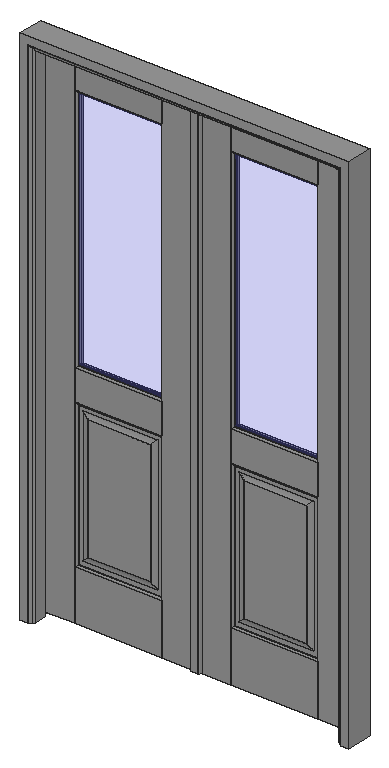
Revit family "I2P 610 GTOP", category Doors, host Wall, Revit 2013
Parameters (values of type "I2P 610 G/TOP")
  Function = Interior
  Frame Projection Ext. = 25 mm
  Frame Projection Int. = 25 mm
  Frame Width = 75 mm
  Height = 2090 mm
  Wall Closure = By host
  Width = 1306 mm
Reference planes
  plane 1: y = 0
  plane 2 "Center (Left/Right)": x = 0
  plane 3 "Left": x = -653
  plane 4 "Right": x = 653
  plane 5: z = 2090
  plane 6 "Exterior": y = 75
  plane 7 "Interior": y = -75
  plane 8: z = 1947
  plane 9: z = 1681.667
Forms (mm)
  Sweep 1, solid, material "Lauan, Meranti"
    path origin (0, 75, 0) x (1, 0, 0) y (0, 0, 1)
      loop
        line (653, 0) -> (653, 2090) -> (-653, 2090) -> (-653, 0)
    profile "Van Acht 105x50 Door Frame Routed Profile (Heavy) : Van Acht 105x50 Door Frame Routed Profile (Heavy)" origin (653, 75, 1045) x (-1, 0, 0) y (0, -1, 0)
      loop
        line (0, 22.5) -> (38, 22.5) -> (38, 67.5) -> (50, 67.5) -> (50, 112.5)
        arc (50, 112.5) -> (44.957, 114.29) -> (42.17, 118.859) r 8
        line (42.17, 118.859) -> (39, 118.859)
        arc (39, 118.859) -> (35.311, 122.973) -> (30, 124.5) r 10
        line (30, 124.5) -> (30, 127.5) -> (0, 127.5) -> (0, 22.5)
  Extrusion 2, solid, material "Lauan, Meranti"
    sketch origin (0, 0, 0) x (1, 0, 0) y (0, 1, 0)
      loop
        line (-12, -2.5) -> (12, -2.5) -> (12, -0.5)
        arc (12, -0.5) -> (17.657, 1.843) -> (20, 7.5) r 8
        line (20, 7.5) -> (5, 7.5) -> (5, 39.5)
        spline (5, 39.5) -> (4.83, 42.088) -> (4.33, 44.5) -> (3.536, 46.571) -> (2.5, 48.16) -> (1.294, 49.159) -> (0, 49.5) -> (-1.294, 49.159) -> (-2.5, 48.16) -> (-3.536, 46.571) -> (-4.33, 44.5) -> (-4.83, 42.088) -> (-5, 39.5)
        line (-5, 39.5) -> (-5, 7.5) -> (-20, 7.5)
        arc (-20, 7.5) -> (-17.657, 1.843) -> (-12, -0.5) r 8
        line (-12, -0.5) -> (-12, -2.5)
    from 20 to 2040
  Extrusion 3, solid, material "Lauan, Meranti"
    sketch origin (0, 0, 1802) x (1, 0, 0) y (0, 1, 0)
      loop
        spline (5, 39.5) -> (4.83, 42.088) -> (4.33, 44.5) -> (3.536, 46.571) -> (2.5, 48.16) -> (1.294, 49.159) -> (0, 49.5) -> (-1.294, 49.159) -> (-2.5, 48.16) -> (-3.536, 46.571) -> (-4.33, 44.5) -> (-4.83, 42.088) -> (-5, 39.5)
        line (-5, 39.5) -> (-5, 7.5) -> (5, 7.5) -> (5, 39.5)
    from 238 to 250
  Extrusion 4, solid, material "Lauan, Meranti"
    sketch origin (208.5, 140, 0) x (0, -1, 0) y (0, 0, -1)
      loop
        line (132.5, -20) -> (92.5, -20) -> (92.5, -221) -> (94.5, -221)
        arc (94.5, -221) -> (96.134, -225.67) -> (100.5, -228) r 6.807
        line (100.5, -228) -> (100.5, -230) -> (102.5, -230) -> (102.5, -215) -> (122.5, -215) -> (122.5, -230) -> (124.5, -230) -> (124.5, -228)
        arc (124.5, -228) -> (128.866, -225.67) -> (130.5, -221) r 6.807
        line (130.5, -221) -> (132.5, -221) -> (132.5, -20)
      loop
        line (132.5, -809) -> (130.5, -809)
        arc (130.5, -809) -> (128.866, -804.33) -> (124.5, -802) r 6.807
        line (124.5, -802) -> (124.5, -800) -> (122.5, -800) -> (122.5, -815) -> (102.5, -815) -> (102.5, -800) -> (100.5, -800) -> (100.5, -802)
        arc (100.5, -802) -> (96.134, -804.33) -> (94.5, -809) r 6.807
        line (94.5, -809) -> (92.5, -809) -> (92.5, -931) -> (122.5, -931) -> (122.5, -940) -> (124.5, -940) -> (124.5, -938)
        arc (124.5, -938) -> (128.866, -935.67) -> (130.5, -931) r 6.807
        line (130.5, -931) -> (132.5, -931) -> (132.5, -809)
      loop
        arc (130.5, -1921) -> (128.866, -1916.33) -> (124.5, -1914) r 6.807
        line (124.5, -1914) -> (124.5, -1912) -> (122.5, -1912) -> (122.5, -1921) -> (92.5, -1921) -> (92.5, -2052) -> (132.5, -2052) -> (132.5, -1921) -> (130.5, -1921)
    from -72.5 to 275.5
  Extrusion 5, solid, material "Lauan, Meranti"
    sketch origin (208.5, 55, 0) x (1, 0, 0) y (0, 1, 0)
      loop
        line (-203.5, -47.5) -> (-72.5, -47.5) -> (-72.5, -45.5)
        arc (-72.5, -45.5) -> (-67.765, -43.94) -> (-65.5, -39.5) r 6.549
        line (-65.5, -39.5) -> (-63.5, -39.5) -> (-63.5, -37.5) -> (-78.5, -37.5) -> (-78.5, -17.5) -> (-63.5, -17.5) -> (-63.5, -15.5) -> (-65.5, -15.5)
        arc (-65.5, -15.5) -> (-67.765, -11.06) -> (-72.5, -9.5) r 6.549
        line (-72.5, -9.5) -> (-72.5, -7.5) -> (-203.5, -7.5) -> (-203.5, -47.5)
      loop
        line (406.5, -47.5) -> (406.5, -7.5) -> (275.5, -7.5) -> (275.5, -9.5)
        arc (275.5, -9.5) -> (270.765, -11.06) -> (268.5, -15.5) r 6.549
        line (268.5, -15.5) -> (266.5, -15.5) -> (266.5, -17.5) -> (281.5, -17.5) -> (281.5, -37.5) -> (266.5, -37.5) -> (266.5, -39.5) -> (268.5, -39.5)
        arc (268.5, -39.5) -> (270.765, -43.94) -> (275.5, -45.5) r 6.549
        line (275.5, -45.5) -> (275.5, -47.5) -> (406.5, -47.5)
    from 20 to 931
  Sweep 6, solid, material "Lauan, Meranti"
    path origin (208.5, -20, 0) x (1, 0, 0) y (0, 0, -1)
      loop
        line (275.5, -809) -> (275.5, -221) -> (-72.5, -221) -> (-72.5, -809) -> (275.5, -809)
    profile origin (310, -20, 809) x (0, 0, 1) y (0, 1, 0)
      loop
        line (4.5, 57.5) -> (-25.727, 57.5)
        arc (-25.727, 57.5) -> (-37.468, 59.153) -> (-48.5, 63.5) r 50.456
        line (-48.5, 63.5) -> (-48.5, 31.5)
        arc (-48.5, 31.5) -> (-37.468, 35.847) -> (-25.727, 37.5) r 50.456
        line (-25.727, 37.5) -> (4.5, 37.5) -> (4.5, 57.5)
  Extrusion 7, solid, material "Lauan, Meranti"
    sketch origin (208.5, -20, 0) x (1, 0, 0) y (0, 0, -1)
      loop
        line (227, -760.5) -> (227, -269.5) -> (-24, -269.5) -> (-24, -760.5) -> (227, -760.5)
    from 31.5 to 63.5
  Extrusion 8, solid, material "Lauan, Meranti"
    sketch origin (208.5, 55, 0) x (1, 0, 0) y (0, 1, 0)
      loop
        line (-203.5, -47.5) -> (-72.5, -47.5) -> (-72.5, -45.5)
        arc (-72.5, -45.5) -> (-67.765, -43.94) -> (-65.5, -39.5) r 6.549
        line (-65.5, -39.5) -> (-63.5, -39.5) -> (-63.5, -37.5) -> (-72.5, -37.5) -> (-72.5, -7.5) -> (-203.5, -7.5) -> (-203.5, -47.5)
      loop
        line (406.5, -47.5) -> (406.5, -7.5) -> (275.5, -7.5) -> (275.5, -37.5) -> (266.5, -37.5) -> (266.5, -39.5) -> (268.5, -39.5)
        arc (268.5, -39.5) -> (270.765, -43.94) -> (275.5, -45.5) r 6.549
        line (275.5, -45.5) -> (275.5, -47.5) -> (406.5, -47.5)
    from 931 to 2052
  Extrusion 9, solid, material "Glass"
    sketch origin (208.5, 130, 0) x (1, 0, 0) y (0, 0, -1)
      loop
        line (-72.5, -1921) -> (275.5, -1921) -> (275.5, -931) -> (-72.5, -931) -> (-72.5, -1921)
    from -112.5 to -106.1
  Sweep 10, solid, material "Lauan, Meranti"
    path origin (208.5, 130, 0) x (1, 0, 0) y (0, 0, -1)
      loop
        line (-72.5, -1921) -> (275.5, -1921) -> (275.5, -931) -> (-72.5, -931) -> (-72.5, -1921)
    profile origin (310, 130, 1921) x (0, 0, -1) y (0, 1, 0)
      loop
        line (9, -106.1) -> (9, -104.1) -> (7, -104.1)
        arc (7, -104.1) -> (4.67, -99.734) -> (0, -98.1) r 6.807
        line (0, -98.1) -> (0, -106.1) -> (9, -106.1)
  Extrusion 11, solid, material "Lauan, Meranti"
    sketch origin (-411.5, 140, 0) x (0, -1, 0) y (0, 0, -1)
      loop
        line (132.5, -20) -> (92.5, -20) -> (92.5, -221) -> (94.5, -221)
        arc (94.5, -221) -> (96.134, -225.67) -> (100.5, -228) r 6.807
        line (100.5, -228) -> (100.5, -230) -> (102.5, -230) -> (102.5, -215) -> (122.5, -215) -> (122.5, -230) -> (124.5, -230) -> (124.5, -228)
        arc (124.5, -228) -> (128.866, -225.67) -> (130.5, -221) r 6.807
        line (130.5, -221) -> (132.5, -221) -> (132.5, -20)
      loop
        line (132.5, -809) -> (130.5, -809)
        arc (130.5, -809) -> (128.866, -804.33) -> (124.5, -802) r 6.807
        line (124.5, -802) -> (124.5, -800) -> (122.5, -800) -> (122.5, -815) -> (102.5, -815) -> (102.5, -800) -> (100.5, -800) -> (100.5, -802)
        arc (100.5, -802) -> (96.134, -804.33) -> (94.5, -809) r 6.807
        line (94.5, -809) -> (92.5, -809) -> (92.5, -931) -> (122.5, -931) -> (122.5, -940) -> (124.5, -940) -> (124.5, -938)
        arc (124.5, -938) -> (128.866, -935.67) -> (130.5, -931) r 6.807
        line (130.5, -931) -> (132.5, -931) -> (132.5, -809)
      loop
        arc (130.5, -1921) -> (128.866, -1916.33) -> (124.5, -1914) r 6.807
        line (124.5, -1914) -> (124.5, -1912) -> (122.5, -1912) -> (122.5, -1921) -> (92.5, -1921) -> (92.5, -2052) -> (132.5, -2052) -> (132.5, -1921) -> (130.5, -1921)
    from -72.5 to 275.5
  Extrusion 12, solid, material "Lauan, Meranti"
    sketch origin (-411.5, 55, 0) x (1, 0, 0) y (0, 1, 0)
      loop
        line (-203.5, -47.5) -> (-72.5, -47.5) -> (-72.5, -45.5)
        arc (-72.5, -45.5) -> (-67.765, -43.94) -> (-65.5, -39.5) r 6.549
        line (-65.5, -39.5) -> (-63.5, -39.5) -> (-63.5, -37.5) -> (-78.5, -37.5) -> (-78.5, -17.5) -> (-63.5, -17.5) -> (-63.5, -15.5) -> (-65.5, -15.5)
        arc (-65.5, -15.5) -> (-67.765, -11.06) -> (-72.5, -9.5) r 6.549
        line (-72.5, -9.5) -> (-72.5, -7.5) -> (-203.5, -7.5) -> (-203.5, -47.5)
      loop
        line (406.5, -47.5) -> (406.5, -7.5) -> (275.5, -7.5) -> (275.5, -9.5)
        arc (275.5, -9.5) -> (270.765, -11.06) -> (268.5, -15.5) r 6.549
        line (268.5, -15.5) -> (266.5, -15.5) -> (266.5, -17.5) -> (281.5, -17.5) -> (281.5, -37.5) -> (266.5, -37.5) -> (266.5, -39.5) -> (268.5, -39.5)
        arc (268.5, -39.5) -> (270.765, -43.94) -> (275.5, -45.5) r 6.549
        line (275.5, -45.5) -> (275.5, -47.5) -> (406.5, -47.5)
    from 20 to 931
  Sweep 13, solid, material "Lauan, Meranti"
    path origin (-411.5, -20, 0) x (1, 0, 0) y (0, 0, -1)
      loop
        line (275.5, -809) -> (275.5, -221) -> (-72.5, -221) -> (-72.5, -809) -> (275.5, -809)
    profile origin (-310, -20, 809) x (0, 0, 1) y (0, 1, 0)
      loop
        line (4.5, 57.5) -> (-25.727, 57.5)
        arc (-25.727, 57.5) -> (-37.468, 59.153) -> (-48.5, 63.5) r 50.456
        line (-48.5, 63.5) -> (-48.5, 31.5)
        arc (-48.5, 31.5) -> (-37.468, 35.847) -> (-25.727, 37.5) r 50.456
        line (-25.727, 37.5) -> (4.5, 37.5) -> (4.5, 57.5)
  Extrusion 14, solid, material "Lauan, Meranti"
    sketch origin (-411.5, -20, 0) x (1, 0, 0) y (0, 0, -1)
      loop
        line (227, -760.5) -> (227, -269.5) -> (-24, -269.5) -> (-24, -760.5) -> (227, -760.5)
    from 31.5 to 63.5
  Extrusion 15, solid, material "Lauan, Meranti"
    sketch origin (-411.5, 55, 0) x (1, 0, 0) y (0, 1, 0)
      loop
        line (-203.5, -47.5) -> (-72.5, -47.5) -> (-72.5, -45.5)
        arc (-72.5, -45.5) -> (-67.765, -43.94) -> (-65.5, -39.5) r 6.549
        line (-65.5, -39.5) -> (-63.5, -39.5) -> (-63.5, -37.5) -> (-72.5, -37.5) -> (-72.5, -7.5) -> (-203.5, -7.5) -> (-203.5, -47.5)
      loop
        line (406.5, -47.5) -> (406.5, -7.5) -> (275.5, -7.5) -> (275.5, -37.5) -> (266.5, -37.5) -> (266.5, -39.5) -> (268.5, -39.5)
        arc (268.5, -39.5) -> (270.765, -43.94) -> (275.5, -45.5) r 6.549
        line (275.5, -45.5) -> (275.5, -47.5) -> (406.5, -47.5)
    from 931 to 2052
  Extrusion 16, solid, material "Glass"
    sketch origin (-411.5, 130, 0) x (1, 0, 0) y (0, 0, -1)
      loop
        line (-72.5, -1921) -> (275.5, -1921) -> (275.5, -931) -> (-72.5, -931) -> (-72.5, -1921)
    from -112.5 to -106.1
  Sweep 17, solid, material "Lauan, Meranti"
    path origin (-411.5, 130, 0) x (1, 0, 0) y (0, 0, -1)
      loop
        line (-72.5, -1921) -> (275.5, -1921) -> (275.5, -931) -> (-72.5, -931) -> (-72.5, -1921)
    profile origin (-310, 130, 1921) x (0, 0, -1) y (0, 1, 0)
      loop
        line (9, -106.1) -> (9, -104.1) -> (7, -104.1)
        arc (7, -104.1) -> (4.67, -99.734) -> (0, -98.1) r 6.807
        line (0, -98.1) -> (0, -106.1) -> (9, -106.1)
Cuts and joins
  joined: Extrusion 2, Extrusion 3
  joined: Extrusion 5, Extrusion 8
  joined: Extrusion 12, Extrusion 15
Lines and regions (mm)
  Opening 1
    outline origin (-3050, -75, 0) x (1, 0, 0) y (0, 0, 1)
      loop
        line (2397, 0) -> (3703, 0) -> (3703, 2090) -> (2397, 2090) -> (2397, 0)
  symbolic lines, style "Elevation Swing"
    curve 1: line (0, -75, 1045) -> (-653, -75, 2090)
    curve 2: line (0, -75, 1045) -> (-653, -75, 0)
    curve 3: line (0, -75, 1045) -> (653, -75, 2090)
    curve 4: line (0, -75, 1045) -> (653, -75, 0)
  model lines
    curve 5: line (-615, 47.5, 0) -> (-615, 657.5, 0)
    curve 6: arc (-615, 657.5, 0) -> (-183.665, 478.835, 0) -> (-5, 47.5, 0) r 610
    curve 7: arc (615, 657.5, 0) -> (183.665, 478.835, 0) -> (5, 47.5, 0) r 610
    curve 8: line (615, 657.5, 0) -> (615, 47.5, 0)
Text (mm)
  text "Exterior" at (-2295.016, 1099.543, 0), in view "Ref. Level"
  text "Exterior" at (0, 1615.38, 3698.081), in view "Left"
  text "Exterior" at (0, 1036.032, 3874.932), in view "Right"
Dimensions and locks
  equal spacing: plane 3 "Left", plane 2 "Center (Left/Right)", plane 4 "Right"
  "Width": plane 3 "Left" to plane 4 "Right"
  "Height": plane 5 to host wall
  equal spacing: host wall, curve 2, plane 5
  host wall to plane 5 = 2090 mm
  locked: plane 6 "Exterior" to host wall at 0
  locked: plane 7 "Interior" to host wall
  plane 3 "Left" to plane 4 "Right" = 1306 mm  (x2)
  cut or joined group of Extrusion 5, Extrusion 8 to Sweep 1 = 610 mm
  cut or joined group of Extrusion 12, Extrusion 15 to Sweep 1 = 610 mm
  aligned and locked: plane 3 "Left" to Opening 1 sketch curve
  aligned and locked: plane 5 to Opening 1 sketch curve  (x2)
  aligned and locked: Opening 1 sketch curve to plane 4 "Right"
  aligned and locked: Opening 1 sketch curve to level
  aligned and locked: plane 5 to curve 1
  aligned and locked: plane 3 "Left" to curve 2
  aligned and locked: plane 1 to host wall
  aligned and locked: plane 3 "Left" to curve 1
Automatic sketch dimensions
  curve 2 to plane 2 "Center (Left/Right)" = 0 mm
  curve 2 to level = 0 mm
  plane 3 "Left" to Sweep 1 sketch curve = 0 mm
  plane 4 "Right" to Sweep 1 sketch curve = 0 mm
  Sweep 1 sketch curve to plane 5 = 0 mm
  Sweep 1 sketch curve to level = 0 mm  (x2)
  curve 4 to plane 2 "Center (Left/Right)" = 0 mm
  curve 4 to plane 9 = 636.667 mm
  curve 4 to level = 0 mm
  plane 4 "Right" to curve 4 = 0 mm
  plane 4 "Right" to curve 3 = 0 mm
  curve 3 to plane 5 = 0 mm
  curve 5 to plane 3 "Left" = 38 mm
  curve 6 to plane 2 "Center (Left/Right)" = 5 mm
  plane 2 "Center (Left/Right)" to curve 7 = 5 mm
  plane 4 "Right" to curve 8 = 38 mm
  curve 8 to host wall = 122.5 mm
  curve 6 to curve 7 = 0 mm
  curve 5 to curve 6 = 0 mm
  host wall to curve 8 = 582.5 mm
  Extrusion 2 sketch curve to host wall = 7.5 mm
  Extrusion 2 sketch curve to plane 2 "Center (Left/Right)" = 20 mm
  host wall to Extrusion 2 sketch curve = 2.5 mm
  Extrusion 2 sketch curve to plane 2 "Center (Left/Right)" = 0 mm
  host wall to Extrusion 2 sketch curve = 0.5 mm  (x2)
  Extrusion 2 sketch curve to Extrusion 2 sketch curve = 5 mm
  plane 2 "Center (Left/Right)" to Extrusion 2 sketch curve = 12 mm
  Extrusion 2 sketch curve to Extrusion 2 sketch curve = 8 mm
  Extrusion 2 sketch curve to Extrusion 2 sketch curve = 32 mm
  Extrusion 3 sketch curve to plane 2 "Center (Left/Right)" = 5 mm
  Extrusion 3 sketch curve to host wall = 7.5 mm
  Extrusion 3 sketch curve to plane 2 "Center (Left/Right)" = 0 mm
  Extrusion 3 sketch curve to Extrusion 3 sketch curve = 32 mm
  Extrusion 4 sketch curve to host wall = 27.5 mm  (x3)
  Extrusion 4 sketch curve to host wall = 7.5 mm
  plane 5 to Extrusion 4 sketch curve = 38 mm
  Extrusion 4 sketch curve to Extrusion 4 sketch curve = 2 mm  (x17)
  Extrusion 4 sketch curve to Extrusion 4 sketch curve = 6 mm  (x6)
  Extrusion 4 sketch curve to Extrusion 4 sketch curve = 10 mm
  Extrusion 4 sketch curve to host wall = 17.5 mm  (x3)
  Extrusion 4 sketch curve to Extrusion 4 sketch curve = 8 mm
  Extrusion 4 sketch curve to Extrusion 4 sketch curve = 1.197 mm  (x6)
  Extrusion 4 sketch curve to plane 8 = 26 mm
  Extrusion 4 sketch curve to Extrusion 4 sketch curve = 0 mm  (x3)
  Extrusion 4 sketch curve to Extrusion 4 sketch curve = 7 mm  (x6)
  Extrusion 4 sketch curve to plane 9 = 741.667 mm
  Extrusion 4 sketch curve to Extrusion 4 sketch curve = 116 mm
  level to Extrusion 4 sketch curve = 230 mm
  Extrusion 4 sketch curve to Extrusion 4 sketch curve = 6.241 mm
  level to Extrusion 4 sketch curve = 20 mm
  plane 2 "Center (Left/Right)" to Extrusion 5 sketch curve = 5 mm
  Extrusion 5 sketch curve to host wall = 7.5 mm  (x2)
  Extrusion 5 sketch curve to host wall = 17.5 mm  (x2)
  Extrusion 5 sketch curve to Extrusion 5 sketch curve = 125 mm
  Extrusion 5 sketch curve to Extrusion 5 sketch curve = 6 mm  (x5)
  Extrusion 5 sketch curve to Extrusion 5 sketch curve = 7 mm  (x4)
  Extrusion 5 sketch curve to Extrusion 5 sketch curve = 2 mm  (x12)
  plane 4 "Right" to Extrusion 5 sketch curve = 178 mm
  Extrusion 5 sketch curve to Extrusion 5 sketch curve = 0 mm
  plane 4 "Right" to Extrusion 5 sketch curve = 38 mm
  Extrusion 5 sketch curve to Extrusion 5 sketch curve = 6.527 mm  (x4)
  Extrusion 5 sketch curve to Extrusion 5 sketch curve = 20 mm  (x2)
  plane 2 "Center (Left/Right)" to Sweep 6 sketch curve = 136 mm
  level to Sweep 6 sketch curve = 809 mm
  plane 4 "Right" to Sweep 6 sketch curve = 169 mm
  level to Sweep 6 sketch curve = 221 mm
  profile plane to Sweep 6 sketch curve = 48.5 mm
  profile plane to Sweep 6 sketch curve = 31.5 mm
  Sweep 6 sketch curve to Sweep 6 sketch curve = 22.773 mm
  Sweep 6 sketch curve to Sweep 6 sketch curve = 0 mm
  Sweep 6 sketch curve to profile plane = 4.5 mm
  profile plane to Sweep 6 sketch curve = 24.613 mm  (x2)
  profile plane to Sweep 6 sketch curve = 37.5 mm
  Sweep 6 sketch curve to Sweep 6 sketch curve = 20 mm
  Sweep 6 sketch curve to Sweep 6 sketch curve = 6 mm
  plane 2 "Center (Left/Right)" to Extrusion 7 sketch curve = 184.5 mm
  level to Extrusion 7 sketch curve = 760.5 mm
  plane 4 "Right" to Extrusion 7 sketch curve = 217.5 mm
  level to Extrusion 7 sketch curve = 269.5 mm
  plane 2 "Center (Left/Right)" to Extrusion 8 sketch curve = 5 mm
  Extrusion 8 sketch curve to host wall = 7.5 mm  (x2)
  Extrusion 8 sketch curve to host wall = 17.5 mm  (x2)
  Extrusion 8 sketch curve to Extrusion 8 sketch curve = 131 mm
  Extrusion 8 sketch curve to Extrusion 8 sketch curve = 0 mm
  Extrusion 8 sketch curve to Extrusion 8 sketch curve = 7 mm  (x2)
  Extrusion 8 sketch curve to Extrusion 8 sketch curve = 2 mm  (x6)
  plane 4 "Right" to Extrusion 8 sketch curve = 178 mm
  Extrusion 8 sketch curve to Extrusion 8 sketch curve = 9 mm
  plane 4 "Right" to Extrusion 8 sketch curve = 38 mm
  Extrusion 8 sketch curve to Extrusion 8 sketch curve = 0.473 mm  (x2)
  Extrusion 8 sketch curve to host wall = 27.5 mm  (x2)
  plane 2 "Center (Left/Right)" to Extrusion 9 sketch curve = 136 mm
  Extrusion 9 sketch curve to plane 8 = 26 mm
  plane 4 "Right" to Extrusion 9 sketch curve = 169 mm
  Extrusion 9 sketch curve to plane 9 = 750.667 mm
  plane 2 "Center (Left/Right)" to Sweep 10 sketch curve = 136 mm
  Sweep 10 sketch curve to plane 8 = 26 mm
  plane 4 "Right" to Sweep 10 sketch curve = 169 mm
  Sweep 10 sketch curve to plane 9 = 750.667 mm
  Sweep 10 sketch curve to profile plane = 0 mm
  Sweep 10 sketch curve to profile plane = 9 mm
  Sweep 10 sketch curve to profile plane = 106.1 mm
  Sweep 10 sketch curve to Sweep 10 sketch curve = 2 mm  (x2)
  Sweep 10 sketch curve to profile plane = 0.241 mm
  Sweep 10 sketch curve to Sweep 10 sketch curve = 8 mm
  Extrusion 11 sketch curve to host wall = 27.5 mm  (x3)
  Extrusion 11 sketch curve to host wall = 7.5 mm
  plane 5 to Extrusion 11 sketch curve = 38 mm
  Extrusion 11 sketch curve to Extrusion 11 sketch curve = 2 mm  (x17)
  Extrusion 11 sketch curve to Extrusion 11 sketch curve = 6 mm  (x6)
  Extrusion 11 sketch curve to Extrusion 11 sketch curve = 10 mm
  Extrusion 11 sketch curve to host wall = 17.5 mm  (x3)
  Extrusion 11 sketch curve to Extrusion 11 sketch curve = 8 mm
  Extrusion 11 sketch curve to Extrusion 11 sketch curve = 1.197 mm  (x6)
  Extrusion 11 sketch curve to plane 8 = 26 mm
  Extrusion 11 sketch curve to Extrusion 11 sketch curve = 0 mm  (x3)
  Extrusion 11 sketch curve to Extrusion 11 sketch curve = 7 mm  (x6)
  Extrusion 11 sketch curve to plane 9 = 741.667 mm
  Extrusion 11 sketch curve to Extrusion 11 sketch curve = 116 mm
  level to Extrusion 11 sketch curve = 230 mm
  Extrusion 11 sketch curve to Extrusion 11 sketch curve = 6.241 mm
  level to Extrusion 11 sketch curve = 20 mm
  Extrusion 12 sketch curve to plane 3 "Left" = 38 mm
  Extrusion 12 sketch curve to host wall = 7.5 mm  (x2)
  Extrusion 12 sketch curve to host wall = 17.5 mm  (x2)
  Extrusion 12 sketch curve to Extrusion 12 sketch curve = 125 mm
  Extrusion 12 sketch curve to Extrusion 12 sketch curve = 6 mm  (x5)
  Extrusion 12 sketch curve to Extrusion 12 sketch curve = 7 mm  (x4)
  Extrusion 12 sketch curve to Extrusion 12 sketch curve = 2 mm  (x12)
  Extrusion 12 sketch curve to plane 2 "Center (Left/Right)" = 145 mm
  Extrusion 12 sketch curve to Extrusion 12 sketch curve = 0 mm
  Extrusion 12 sketch curve to plane 2 "Center (Left/Right)" = 5 mm
  Extrusion 12 sketch curve to Extrusion 12 sketch curve = 6.527 mm  (x4)
  Extrusion 12 sketch curve to Extrusion 12 sketch curve = 20 mm  (x2)
  Sweep 13 sketch curve to plane 3 "Left" = 169 mm
  level to Sweep 13 sketch curve = 809 mm
  Sweep 13 sketch curve to plane 2 "Center (Left/Right)" = 136 mm
  level to Sweep 13 sketch curve = 221 mm
  profile plane to Sweep 13 sketch curve = 48.5 mm
  profile plane to Sweep 13 sketch curve = 31.5 mm
  Sweep 13 sketch curve to Sweep 13 sketch curve = 22.773 mm
  Sweep 13 sketch curve to Sweep 13 sketch curve = 0 mm
  Sweep 13 sketch curve to profile plane = 4.5 mm
  profile plane to Sweep 13 sketch curve = 24.613 mm  (x2)
  profile plane to Sweep 13 sketch curve = 37.5 mm
  Sweep 13 sketch curve to Sweep 13 sketch curve = 20 mm
  Sweep 13 sketch curve to Sweep 13 sketch curve = 6 mm
  Extrusion 14 sketch curve to plane 3 "Left" = 217.5 mm
  level to Extrusion 14 sketch curve = 760.5 mm
  Extrusion 14 sketch curve to plane 2 "Center (Left/Right)" = 184.5 mm
  level to Extrusion 14 sketch curve = 269.5 mm
  Extrusion 15 sketch curve to plane 3 "Left" = 38 mm
  Extrusion 15 sketch curve to host wall = 7.5 mm  (x2)
  Extrusion 15 sketch curve to host wall = 17.5 mm  (x2)
  Extrusion 15 sketch curve to Extrusion 15 sketch curve = 131 mm
  Extrusion 15 sketch curve to Extrusion 15 sketch curve = 0 mm
  Extrusion 15 sketch curve to Extrusion 15 sketch curve = 7 mm  (x2)
  Extrusion 15 sketch curve to Extrusion 15 sketch curve = 2 mm  (x6)
  Extrusion 15 sketch curve to plane 2 "Center (Left/Right)" = 145 mm
  Extrusion 15 sketch curve to Extrusion 15 sketch curve = 9 mm
  Extrusion 15 sketch curve to plane 2 "Center (Left/Right)" = 5 mm
  Extrusion 15 sketch curve to Extrusion 15 sketch curve = 0.473 mm  (x2)
  Extrusion 15 sketch curve to host wall = 27.5 mm  (x2)
  Extrusion 16 sketch curve to plane 3 "Left" = 169 mm
  Extrusion 16 sketch curve to plane 8 = 26 mm
  Extrusion 16 sketch curve to plane 2 "Center (Left/Right)" = 136 mm
  Extrusion 16 sketch curve to plane 9 = 750.667 mm
  Sweep 17 sketch curve to plane 3 "Left" = 169 mm
  Sweep 17 sketch curve to plane 8 = 26 mm
  Sweep 17 sketch curve to plane 2 "Center (Left/Right)" = 136 mm
  Sweep 17 sketch curve to plane 9 = 750.667 mm
  Sweep 17 sketch curve to profile plane = 0 mm
  Sweep 17 sketch curve to profile plane = 9 mm
  Sweep 17 sketch curve to profile plane = 106.1 mm
  Sweep 17 sketch curve to Sweep 17 sketch curve = 2 mm  (x2)
  Sweep 17 sketch curve to profile plane = 0.241 mm
  Sweep 17 sketch curve to Sweep 17 sketch curve = 8 mm
